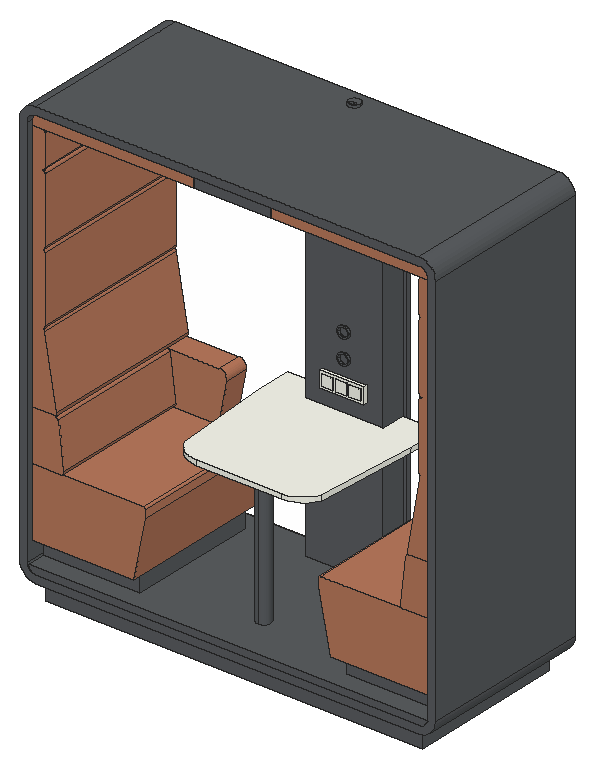
Revit family "Hushmeet.open.S EN3", category Casework, Revit 2018
Family settings
  OmniClass Number = 23.40.35.00
  OmniClass Title = Casework
  Work Plane-Based = No
  Always vertical = Yes
  Cut with Voids When Loaded = No
  Shared = No
  Room Calculation Point = Yes
Parameters (values of type "HUSH MEET OPEN S")
  Width = 2150 mm  # constant formula
  Weight [instance] = 425.00 kg  # constant formula
  URL = "https://hushoffice.com/en/"
  Type of power module [instance] = Power module : PL/FR (1 x electric, 2 x USB, 2 x RJ45)
  Type of foam [instance] = Foam : Normal
  Type Image = hush-meet-open-s.jpeg
  Persons [instance] = "1-2"  # constant formula
  Model = "HUSH MEET OPEN S"  # constant formula
  Middle column = Cosmos Grey AGC
  Manufacturer = "Mikomax Smart Office"  # constant formula
  Index (Product) [instance] = if(or(Type of power module = [E PL/FR], or(Type of power module = E DE, or(Type of power module = E DK, or(Type of power module = E GB, Type of power module = E CH)))), "HUS-BX-011", "HUS-BX-111")  # "HUS-BX-011"
  Index (Equipment) [instance] = if(Green wall, "HUS-PG-002", "-")  # "-"
  IfcExportType = ""
  IfcExportAs = "IfcFurniture"  # constant formula
  Height = 2300 mm  # constant formula
  Green wall [instance] = no
  Finish = "Defined materials"  # constant formula
  Fabric (detail) = PETRUS Amberglow TAG
  Fabric = PETRUS Amberglow TAG
  Equipment [instance] = Interior : table
  E US = Power module : US Type (1 x electric,1 x USB A,1 x  USB C,1 x RJ45) - black
  E PL/FR2 = Power module : PL/FR Type (1 x electric,1 x USB A,1 x  USB C,1 x RJ45) - black
  E PL/FR = Power module : PL/FR (1 x electric, 2 x USB, 2 x RJ45)
  E GB2 = Power module : GB Type (1 x electric,1 x USB A,1 x USB C,1 x RJ45) - black
  E GB = Power module : GB (1 x electric, 2 x USB, 2 x RJ45)
  E DK = Power module : DK (1 x electric, 2 x USB, 2 x RJ45)
  E DE = Power module : DE (1 x electric, 2 x USB, 2 x RJ45)
  E CH = Power module : CH (1 x electric, 2 x USB, 2 x RJ45)
  E AU = Power module : AU Type (1 x electric,1 x USB A,1 x USB C,1 x RJ45) - black
  Description = "Independent spaces for solo working and meetings, including virtual ones"  # constant formula
  Depth = 900 mm  # constant formula
  Contact (Rest of the world) = "export.sales@mikomax.pl"  # constant formula
  Contact (Poland) = "mateusz.siwiaszczyk@mikomax.pl"  # constant formula
  Construction Type = "Defined construction"  # constant formula
  Configurator = "https://mikomax.actumwork.pl/customize/materials"
  Catalogue = "https://hushoffice.com/en/architect-zone-en/brochure/"
  Case = Cosmos Grey AGC
  Cableway [instance] = no
  Back glass colour = Glass Clear PRZ
  Assembly Code = "E2010200"
Reference planes
  plane 1 "Back": y = 0
  plane 2: z = 0
  plane 3 "Center (Left/Right)": x = 44.7
  plane 4 "Front": y = -900
  plane 5 "Left": x = -1030.3
  plane 6 "Right": x = 1119.7
  plane 7 "Top": z = 2300
  plane 8: z = 90
Forms (mm)
  Extrusion 1, solid, material "Cosmos Grey AGC" <- "Case", detail levels medium+fine
    sketch origin (0, 0, 0) x (1, 0, 0) y (0, 0, 1)
      loop
        arc (-945.3, 2300) -> (-1005.404, 2275.104) -> (-1030.3, 2215) r 85
        line (-1030.3, 2215) -> (-1030.3, 175)
        arc (-1030.3, 175) -> (-1005.404, 114.896) -> (-945.3, 90) r 85
        line (-945.3, 90) -> (1034.7, 90)
        arc (1034.7, 90) -> (1094.804, 114.896) -> (1119.7, 175) r 85
        line (1119.7, 175) -> (1119.7, 2215)
        arc (1119.7, 2215) -> (1094.804, 2275.104) -> (1034.7, 2300) r 85
        line (1034.7, 2300) -> (-945.3, 2300)
      loop
        line (-945.3, 130) -> (1034.7, 130)
        arc (1034.7, 130) -> (1066.52, 143.18) -> (1079.7, 175) r 45
        line (1079.7, 175) -> (1079.7, 2215)
        arc (1079.7, 2215) -> (1066.52, 2246.82) -> (1034.7, 2260) r 45
        line (1034.7, 2260) -> (-945.3, 2260)
        arc (-945.3, 2260) -> (-977.119, 2246.82) -> (-990.3, 2215) r 45
        line (-990.3, 2215) -> (-990.3, 175)
        arc (-990.3, 175) -> (-977.119, 143.18) -> (-945.3, 130) r 45
    from 0 to 900
  Extrusion 2, solid, material "Cosmos Grey AGC", detail levels medium+fine
    sketch origin (0, 0, 0) x (1, 0, 0) y (0, 1, 0)
      loop
        line (-930.3, -40) -> (-930.3, -860) -> (1019.7, -860) -> (1019.7, -40) -> (-930.3, -40)
    from 0 to 90
  Extrusion 3, solid, material "Cosmos Grey AGC" <- "Middle column", detail levels medium+fine
    sketch origin (-29.762, 0, 0) x (1, 0, 0) y (0, 1, 0)
      loop
        line (-125.537, 0) -> (-125.537, -145) -> (274.463, -145) -> (274.463, 0) -> (-125.537, 0)
    from 130 to 2260
  Extrusion 4, solid, material "Cosmos Grey AGC" <- "Case", detail levels coarse
    sketch origin (0, 0, 0) x (1, 0, 0) y (0, 1, 0)
      loop
        line (-1030.3, 0) -> (-1030.3, -900) -> (1119.7, -900) -> (1119.7, 0) -> (-1030.3, 0)
    from 0 to 2300
  Extrusion 5, solid, material "Cosmos Grey AGC", detail levels medium+fine
    sketch origin (0, -900, 0) x (1, 0, 0) y (0, 0, 1)
      loop
        line (-945.3, 130) -> (1034.7, 130)
        arc (1034.7, 130) -> (1062.763, 139.822) -> (1078.575, 165) r 45
        line (1078.575, 165) -> (-989.174, 165)
        arc (-989.174, 165) -> (-973.362, 139.822) -> (-945.3, 130) r 45
    from 0 to -875
  Extrusion 6, solid, material "PETRUS Amberglow TAG" <- "Fabric", detail levels medium+fine
    sketch origin (0, -900, 0) x (1, 0, 0) y (0, 0, 1)
      loop
        arc (-401.476, 608.81) -> (-404.405, 615.881) -> (-411.476, 618.81) r 10
        line (-411.476, 618.81) -> (-990.3, 618.81) -> (-990.3, 265) -> (-466.112, 265) -> (-401.476, 568.393) -> (-401.476, 608.81)
      loop
        line (-990.3, 2187.998) -> (-990.3, 879.676) -> (-875.649, 879.676)
        arc (-875.649, 879.676) -> (-864.17, 885.02) -> (-860.871, 897.245) r 15
        line (-860.871, 897.245) -> (-922.638, 1252.525)
        arc (-922.638, 1252.525) -> (-927.697, 1261.382) -> (-937.251, 1264.955) r 15
        arc (-937.251, 1264.955) -> (-926.538, 1269.291) -> (-922.087, 1279.956) r 15
        line (-922.087, 1279.956) -> (-922.087, 1616.956)
        arc (-922.087, 1616.956) -> (-926.48, 1627.563) -> (-937.087, 1631.956) r 15
        arc (-937.087, 1631.956) -> (-926.48, 1636.35) -> (-922.087, 1646.956) r 15
        line (-922.087, 1646.956) -> (-922.087, 1983.956)
        arc (-922.087, 1983.956) -> (-926.48, 1994.563) -> (-937.087, 1998.956) r 15
        arc (-937.087, 1998.956) -> (-926.48, 2003.35) -> (-922.087, 2013.956) r 15
        line (-922.087, 2013.956) -> (-922.087, 2173.205)
        arc (-922.087, 2173.205) -> (-925.635, 2182.894) -> (-934.603, 2187.998) r 15
        line (-934.603, 2187.998) -> (-990.3, 2187.998)
      loop
        line (490.877, 608.81) -> (490.877, 568.393) -> (555.513, 265) -> (1079.7, 265) -> (1079.7, 618.81) -> (500.877, 618.81)
        arc (500.877, 618.81) -> (493.806, 615.881) -> (490.877, 608.81) r 10
      loop
        line (1079.7, 2187.998) -> (1024.003, 2187.998)
        arc (1024.003, 2187.998) -> (1015.036, 2182.894) -> (1011.487, 2173.205) r 15
        line (1011.487, 2173.205) -> (1011.487, 2013.956)
        arc (1011.487, 2013.956) -> (1015.881, 2003.35) -> (1026.487, 1998.956) r 15
        arc (1026.487, 1998.956) -> (1015.881, 1994.563) -> (1011.487, 1983.956) r 15
        line (1011.487, 1983.956) -> (1011.487, 1646.956)
        arc (1011.487, 1646.956) -> (1015.881, 1636.35) -> (1026.487, 1631.956) r 15
        arc (1026.487, 1631.956) -> (1015.881, 1627.563) -> (1011.487, 1616.956) r 15
        line (1011.487, 1616.956) -> (1011.487, 1279.956)
        arc (1011.487, 1279.956) -> (1015.939, 1269.291) -> (1026.652, 1264.955) r 15
        arc (1026.652, 1264.955) -> (1017.098, 1261.382) -> (1012.038, 1252.525) r 15
        line (1012.038, 1252.525) -> (950.271, 897.245)
        arc (950.271, 897.245) -> (953.571, 885.02) -> (965.05, 879.676) r 15
        line (965.05, 879.676) -> (1079.7, 879.676) -> (1079.7, 2187.998)
    from -875 to -30
  Extrusion 7, solid, material "Cosmos Grey AGC", detail levels medium+fine
    sketch origin (-989.174, -900, 165) x (1, 0, 0) y (0, 1, 0)
      loop
        line (0, 100) -> (500, 100) -> (500, 775) -> (0, 775) -> (0, 100)
      loop
        line (2067.75, 775) -> (1567.75, 775) -> (1567.75, 100) -> (2067.75, 100) -> (2067.75, 775)
    from 0 to 100
  Extrusion 8, solid, material "PETRUS Amberglow TAG" <- "Fabric (detail)", detail levels medium+fine
    sketch origin (0, 0, 0) x (1, 0, 0) y (0, 0, 1)
      loop
        line (691.708, 618.81) -> (1079.7, 618.81) -> (1079.7, 879.676) -> (689.62, 879.676)
        arc (689.62, 879.676) -> (658.474, 865.25) -> (649.977, 831.993) r 40
        line (649.977, 831.993) -> (691.708, 618.81)
      loop
        line (-602.308, 618.81) -> (-560.576, 831.993)
        arc (-560.576, 831.993) -> (-569.073, 865.25) -> (-600.22, 879.676) r 40
        line (-600.22, 879.676) -> (-990.3, 879.676) -> (-990.3, 618.81) -> (-602.308, 618.81)
    from 150 to 25
  Extrusion 9, solid, material "PETRUS Amberglow TAG" <- "Fabric (detail)", detail levels medium+fine
    sketch origin (0, -900, 0) x (1, 0, 0) y (0, 0, 1)
      loop
        arc (-854.938, 866.545) -> (-859.897, 875.924) -> (-869.821, 879.676) r 15
        line (-869.821, 879.676) -> (-990.3, 879.676) -> (-990.3, 618.81) -> (-840.826, 618.81)
        arc (-840.826, 618.81) -> (-829.578, 623.886) -> (-825.943, 635.679) r 15
        line (-825.943, 635.679) -> (-854.938, 866.545)
      loop
        line (944.339, 866.545) -> (915.344, 635.679)
        arc (915.344, 635.679) -> (918.979, 623.886) -> (930.227, 618.81) r 15
        line (930.227, 618.81) -> (1079.7, 618.81) -> (1079.7, 879.676) -> (959.222, 879.676)
        arc (959.222, 879.676) -> (949.298, 875.924) -> (944.339, 866.545) r 15
    from -875 to -30
  Extrusion 10, solid, material "PETRUS Amberglow TAG" <- "Fabric", detail levels medium+fine
    sketch origin (0, -900, 0) x (1, 0, 0) y (0, 0, 1)
      loop
        line (244.7, 2187.998) -> (1079.7, 2187.998) -> (1079.7, 2215)
        arc (1079.7, 2215) -> (1066.52, 2246.82) -> (1034.7, 2260) r 45
        line (1034.7, 2260) -> (244.7, 2260) -> (244.7, 2187.998)
      loop
        line (-155.3, 2187.998) -> (-155.3, 2260) -> (-945.3, 2260)
        arc (-945.3, 2260) -> (-977.119, 2246.82) -> (-990.3, 2215) r 45
        line (-990.3, 2215) -> (-990.3, 2187.998) -> (-155.3, 2187.998)
    from -875 to -30
  Extrusion 11, solid, material "Cosmos Grey AGC" <- "Middle column", detail levels medium+fine
    sketch origin (1034.7, 0, 2260) x (0, 1, 0) y (1, 0, 0)
      loop
        line (-870, -1189.719) -> (-145, -1189.719) -> (-145, -790.017) -> (-870, -790.017) -> (-870, -1189.719)
      loop
        line (-255.699, -1079.799) -> (-255.699, -1066.2) -> (-675.699, -1066.2) -> (-675.699, -1079.799) -> (-255.699, -1079.799)
      loop
        line (-255.699, -900.201) -> (-675.699, -900.201) -> (-675.699, -913.8) -> (-255.699, -913.8) -> (-255.699, -900.201)
    from 0 to 70
  Extrusion 12, solid, material "Cosmos Grey AGC" <- "Middle column", visible <- "Cableway", detail levels fine
    sketch origin (244.7, -145, 0) x (-1, 0, 0) y (0, 0, -1)
      loop
        circle (200, -1565.235) r 30
      loop
        arc (220.746, -1551.286) -> (200, -1540.235) -> (179.254, -1551.286) r 25
        line (179.254, -1551.286) -> (191.607, -1563.639) -> (208.393, -1563.639) -> (220.746, -1551.286)
    from 0 to 10
  Extrusion 13, solid, material "Cosmos Grey AGC" <- "Middle column", detail levels fine
    sketch origin (244.7, -145, 0) x (-1, 0, 0) y (0, 0, -1)
      loop
        circle (200, -1275.039) r 30
      loop
        circle (200, -1275.039) r 25
      loop
        circle (200, -1149.914) r 30
      loop
        circle (200, -1149.914) r 25
    from 0 to 10
  Extrusion 14, solid, material "Cosmos Grey AGC" <- "Case", detail levels fine
    sketch origin (-945.3, 0, 2300) x (1, 0, 0) y (0, 1, 0)
      loop
        circle (990, -80) r 30
      loop
        arc (969.254, -93.949) -> (990, -105) -> (1010.746, -93.949) r 25
        line (1010.746, -93.949) -> (998.393, -81.596) -> (981.607, -81.596) -> (969.254, -93.949)
    from 0 to 10
Cuts and joins
  joined: Extrusion 8, Extrusion 9
Dimensions and locks
  "Width": plane 6 "Right" to plane 5 "Left"
  equal spacing: plane 6 "Right", plane 3 "Center (Left/Right)", plane 5 "Left"
  "Depth": plane 4 "Front" to plane 1 "Back"
  "Height": level to plane 7 "Top"
  locked: plane 8 to level at 90
  locked: Extrusion 1 sketch curve to plane 5 "Left" at 40
  locked: Extrusion 1 sketch curve to plane 8 at 40
  locked: plane 6 "Right" to Extrusion 1 sketch curve at 40
  locked: plane 7 "Top" to Extrusion 1 sketch curve at 40
  locked: plane 5 "Left" to Extrusion 2 sketch curve at 100
  locked: Extrusion 2 sketch curve to plane 1 "Back" at 40
  locked: Extrusion 2 sketch curve to plane 6 "Right" at 100
  locked: Extrusion 2 sketch curve to plane 4 "Front" at 40
  locked: Extrusion 3 sketch curve to Extrusion 3 sketch curve at 145
  locked: Extrusion 3 sketch curve to Extrusion 3 sketch curve at 400
  locked: Extrusion 5 sketch curve to Extrusion 1 at 35
  locked: Extrusion 5 to plane 1 "Back" at 25
  locked: Extrusion 7 sketch curve to Extrusion 7 sketch curve at 500  (x2)
  locked: Extrusion 5 to Extrusion 7 sketch curve at 100  (x4)
  radius of Extrusion 1 sketch curve = 45 mm  (x4)
  radius of Extrusion 1 sketch curve = 85 mm  (x4)
  aligned and locked: level to plane 2
  aligned and locked: plane 8 to Extrusion 1 sketch curve
  aligned and locked: Extrusion 1 sketch curve to plane 6 "Right"
  aligned and locked: plane 7 "Top" to Extrusion 1 sketch curve
  aligned and locked: plane 5 "Left" to Extrusion 1 sketch curve
  aligned and locked: Extrusion 1 to plane 4 "Front"
  aligned and locked: plane 8 to Extrusion 2
  aligned and locked: Extrusion 3 to plane 1 "Back"
  aligned and locked: Extrusion 3 to Extrusion 1  (x2)
  aligned and locked: Extrusion 4 sketch curve to plane 6 "Right"
  aligned and locked: Extrusion 4 sketch curve to plane 4 "Front"
  aligned and locked: plane 5 "Left" to Extrusion 4 sketch curve
  aligned and locked: Extrusion 4 sketch curve to plane 1 "Back"
  aligned and locked: Extrusion 4 to plane 7 "Top"
  aligned and locked: Extrusion 5 sketch curve to Extrusion 1  (x2)
  aligned and locked: Extrusion 6 to Extrusion 5
  aligned and locked: Extrusion 5 to Extrusion 7 sketch curve  (x2)
  aligned and locked: Extrusion 6 to Extrusion 9 sketch curve
  aligned and locked: Extrusion 9 to Extrusion 8
  aligned and locked: Extrusion 6 to Extrusion 9
  aligned and locked: Extrusion 1 to Extrusion 9 sketch curve
  aligned and locked: nested 2 to Extrusion 1  (x2)
  aligned and locked: nested 1 to Extrusion 1
  aligned and locked: Extrusion 1 to nested 1
  aligned and locked: Extrusion 10 to Extrusion 6
  aligned and locked: Extrusion 6 to Extrusion 10
  aligned and locked: Extrusion 11 to Extrusion 3
  aligned and locked: Extrusion 1 to Extrusion 5
  aligned and locked: Extrusion 10 to Extrusion 11
Automatic sketch dimensions
  plane 1 "Back" to Extrusion 3 sketch curve = 0 mm
  Extrusion 3 sketch curve to plane 3 "Center (Left/Right)" = 200 mm
  plane 5 "Left" to Extrusion 6 sketch curve = 40 mm  (x2)
  plane 5 "Left" to Extrusion 6 sketch curve = 92.884 mm
  Extrusion 6 sketch curve to Extrusion 6 sketch curve = 53.213 mm
  plane 5 "Left" to Extrusion 6 sketch curve = 93.213 mm  (x2)
  Extrusion 6 sketch curve to Extrusion 6 sketch curve = 0.329 mm
  Extrusion 6 sketch curve to Extrusion 6 sketch curve = 0 mm  (x4)
  Extrusion 6 sketch curve to Extrusion 6 sketch curve = 2.484 mm  (x2)
  Extrusion 6 sketch curve to Extrusion 6 sketch curve = 14.778 mm  (x4)
  Extrusion 6 sketch curve to Extrusion 6 sketch curve = 15 mm  (x13)
  Extrusion 6 sketch curve to Extrusion 6 sketch curve = 114.651 mm
  plane 8 to Extrusion 6 sketch curve = 175 mm  (x2)
  Extrusion 6 sketch curve to plane 3 "Center (Left/Right)" = 510.813 mm
  Extrusion 6 sketch curve to Extrusion 6 sketch curve = 54.636 mm
  Extrusion 6 sketch curve to Extrusion 6 sketch curve = 10 mm  (x2)
  plane 3 "Center (Left/Right)" to Extrusion 6 sketch curve = 446.177 mm
  Extrusion 6 sketch curve to Extrusion 6 sketch curve = 64.636 mm
  Extrusion 6 sketch curve to plane 6 "Right" = 169.429 mm
  Extrusion 6 sketch curve to plane 6 "Right" = 108.213 mm  (x2)
  Extrusion 6 sketch curve to Extrusion 6 sketch curve = 0.551 mm
  Extrusion 6 sketch curve to Extrusion 6 sketch curve = 12.516 mm
  Extrusion 6 sketch curve to plane 6 "Right" = 40 mm  (x2)
  Extrusion 6 sketch curve to Extrusion 6 sketch curve = 303.393 mm  (x2)
  Extrusion 6 sketch curve to Extrusion 6 sketch curve = 40.417 mm  (x2)
  Extrusion 6 sketch curve to Extrusion 6 sketch curve = 260.866 mm  (x2)
  Extrusion 6 sketch curve to Extrusion 6 sketch curve = 355.28 mm  (x2)
  Extrusion 6 sketch curve to Extrusion 6 sketch curve = 2.569 mm  (x2)
  Extrusion 6 sketch curve to Extrusion 6 sketch curve = 30 mm
  Extrusion 6 sketch curve to Extrusion 6 sketch curve = 27.431 mm
  Extrusion 6 sketch curve to Extrusion 6 sketch curve = 337 mm  (x2)
  plane 7 "Top" to Extrusion 6 sketch curve = 316.044 mm  (x2)
  plane 7 "Top" to Extrusion 6 sketch curve = 126.795 mm  (x2)
  Extrusion 6 sketch curve to Extrusion 6 sketch curve = 0.165 mm  (x2)
  Extrusion 9 sketch curve to Extrusion 9 sketch curve = 120.479 mm
  Extrusion 9 sketch curve to Extrusion 9 sketch curve = 14.883 mm  (x4)
  Extrusion 9 sketch curve to Extrusion 9 sketch curve = 149.474 mm
  Extrusion 9 sketch curve to plane 6 "Right" = 204.357 mm
  Extrusion 9 sketch curve to plane 6 "Right" = 175.362 mm
  Extrusion 9 sketch curve to plane 6 "Right" = 40 mm
  plane 8 to Extrusion 9 sketch curve = 528.81 mm
  Extrusion 9 sketch curve to Extrusion 9 sketch curve = 15 mm  (x2)
  Extrusion 9 sketch curve to Extrusion 9 sketch curve = 230.866 mm  (x2)
  Extrusion 9 sketch curve to Extrusion 9 sketch curve = 1.869 mm  (x2)
  plane 5 "Left" to Extrusion 10 sketch curve = 40 mm
  plane 7 "Top" to Extrusion 10 sketch curve = 40 mm  (x2)
  Extrusion 10 sketch curve to Extrusion 10 sketch curve = 45 mm
  Extrusion 10 sketch curve to plane 3 "Center (Left/Right)" = 200 mm
  plane 3 "Center (Left/Right)" to Extrusion 10 sketch curve = 200 mm
  Extrusion 10 sketch curve to plane 6 "Right" = 85 mm
  Extrusion 10 sketch curve to plane 6 "Right" = 40 mm
  Extrusion 10 sketch curve to Extrusion 10 sketch curve = 27.002 mm  (x2)
  Extrusion 11 sketch curve to Extrusion 1 = 30 mm
  Extrusion 11 sketch curve to Extrusion 11 sketch curve = 194.301 mm
  Extrusion 11 sketch curve to Extrusion 11 sketch curve = 0 mm  (x2)
  Extrusion 11 sketch curve to Extrusion 11 sketch curve = 13.599 mm  (x2)
  Extrusion 11 sketch curve to Extrusion 11 sketch curve = 152.4 mm
  Extrusion 12 sketch curve to Extrusion 12 sketch curve = 0 mm  (x2)
  Extrusion 12 sketch curve to Extrusion 3 = 179.254 mm
  Extrusion 12 sketch curve to Extrusion 12 sketch curve = 12.353 mm  (x3)
  Extrusion 12 sketch curve to Extrusion 12 sketch curve = 8.393 mm  (x2)
  Extrusion 3 to Extrusion 12 sketch curve = 694.765 mm
  Extrusion 12 sketch curve to Extrusion 12 sketch curve = 1.596 mm
  Extrusion 13 sketch curve to Extrusion 13 sketch curve = 0 mm  (x5)
  Extrusion 3 to Extrusion 13 sketch curve = 200 mm
  Extrusion 3 to Extrusion 13 sketch curve = 984.961 mm
  Extrusion 13 sketch curve to Extrusion 13 sketch curve = 125.124 mm
  Extrusion 14 sketch curve to Extrusion 14 sketch curve = 0 mm  (x3)
  Extrusion 1 to Extrusion 14 sketch curve = 93.949 mm  (x2)
  Extrusion 14 sketch curve to Extrusion 14 sketch curve = 12.353 mm
  Extrusion 14 sketch curve to Extrusion 14 sketch curve = 8.393 mm  (x2)
  Extrusion 1 to Extrusion 14 sketch curve = 81.596 mm
  Extrusion 14 sketch curve to Extrusion 14 sketch curve = 1.596 mm
  plane 5 "Left" to Extrusion 8 sketch curve = 40 mm
  Extrusion 8 sketch curve to Extrusion 8 sketch curve = 387.992 mm
  Extrusion 8 sketch curve to Extrusion 8 sketch curve = 2.088 mm
  Extrusion 8 sketch curve to Extrusion 8 sketch curve = 0.388 mm  (x2)
  Extrusion 8 sketch curve to Extrusion 8 sketch curve = 39.255 mm  (x2)
  Extrusion 8 sketch curve to plane 6 "Right" = 469.723 mm
  Extrusion 8 sketch curve to Extrusion 8 sketch curve = 41.732 mm
  Extrusion 8 sketch curve to plane 6 "Right" = 40 mm
  plane 8 to Extrusion 8 sketch curve = 528.81 mm  (x2)
  Extrusion 8 sketch curve to Extrusion 8 sketch curve = 213.184 mm  (x2)
  Extrusion 8 sketch curve to Extrusion 8 sketch curve = 7.684 mm  (x2)
  Extrusion 14 sketch curve to Extrusion 1 = 969.254 mm
  Extrusion 11 sketch curve to Extrusion 1 = 145 mm
  Extrusion 11 sketch curve to Extrusion 11 sketch curve = 110.184 mm
  Extrusion 1 to Extrusion 11 sketch curve = 790.017 mm
  Extrusion 11 sketch curve to Extrusion 11 sketch curve = 110.699 mm
  Extrusion 11 sketch curve to Extrusion 11 sketch curve = 109.92 mm
  radius of Extrusion 12 sketch curve = 30 mm
  radius of Extrusion 13 sketch curve = 30 mm  (x2)
  radius of Extrusion 13 sketch curve = 25 mm  (x2)
  radius of Extrusion 14 sketch curve = 30 mm
Nested families
  nested 1: "Joinery" at (-572.8, 0, 1195) x (-1, 0, 0) z (0, 1, 0), Material (glass) <- "Back glass colour", type "non-movable", detail levels medium+fine
    with W 835 mm, R (right) 45 mm, R (left) 1 mm, Material (handle and hinges) none, Material (glass) Glass Clear PRZ, Material (frame) Cosmos Grey AGC, H 2130 mm, D 0 mm, Angle 0.00°
  nested 2: "Joinery" at (662.2, 0, 1195) x (-1, 0, 0) z (0, 1, 0), Material (glass) <- "Back glass colour", type "non-movable", detail levels medium+fine
    with W 835 mm, R (right) 1 mm, R (left) 45 mm, Material (handle and hinges) none, Material (glass) Glass Clear PRZ, Material (frame) Cosmos Grey AGC, H 2130 mm, D 0 mm, Angle 0.00°
  nested 3: "Green wall" at (1119.7, -900, 0), visible <- "Green wall", type "Green wall"
    with Material Cosmos Grey AGC, H 2300 mm, D 900 mm
  nested 4: "Interior" at (-1030.3, -900, 165), Depth <- "Depth", Width <- "Width", type <- "Equipment", type "table"
    with Width 2150 mm, Depth 900 mm
  nested 5: "Sockets" at (9.2, -145, 1025) x (1, 0, 0) z (0, -1, 0), type "Sockets"
    with single no, non-single yes, Number of sockets 3, Material White JBM, Lenght 227 mm
  nested 6: "Sockets" at (44.7, -145, 775) x (1, 0, 0) z (0, -1, 0), type "Sockets"
    with single yes, non-single no, Number of sockets 2, Material White JBM, Lenght 156 mm
Connectors
  electrical at (44.7, -450, 0)
    settings: index 1, voltage 230 V, apparent load 0 VA, apparent load phase1 0 VA, apparent load phase2 0 VA, apparent load phase3 0 VA, power factor 1, load classification "Other", number of poles 1, system type 30, power factor state 1, is connector primary yes, connector utility no, sub classification motor no, connector description ""
  electrical at (44.7, 0, 0)
    settings: index 2, voltage 230 V, apparent load 0 VA, apparent load phase1 0 VA, apparent load phase2 0 VA, apparent load phase3 0 VA, power factor 1, load classification "Other", number of poles 1, system type 5, power factor state 1, is connector primary no, connector utility no, sub classification motor no, connector description ""
Definition of nested family "Joinery"
  Parameters (values of type "movable")
    non-movable = no
    movable = yes
    W [instance] = 1414.111 mm
    R (right) [instance] = 45 mm
    R (left) [instance] = 45 mm
    Material (handle and hinges) [instance] = none
    Material (glass) [instance] = none
    Material (frame) [instance] = none
    H [instance] = 2200 mm
    Default Elevation = 0 mm
    D [instance] = 50 mm
    Angle [instance] = 45.00°
    Analytic Construction = "<None>"
    A = if(movable, 50 mm, 20 mm)  # 50 mm
  Types (2, lengths in mm): name | non-movable | movable | D | Angle | A
    non-movable | yes | no | 79.124 | 0.00° | 20
    movable | no | yes | 50 | 45.00° | 50
  Reference planes
    plane 1 "Center (Front/Back)": y = 0
    plane 2: z = 0
    plane 3 "Center (Left/Right)": x = 0
    plane 4: y = 1100
    plane 5: y = -1100
    plane 6: x = -707.055
    plane 7: x = 707.055
    plane 8: z = -50
    plane 9: z = -100
    plane 10: z = -55
    plane 11: z = -95
  Forms (mm)
    Extrusion 1, solid
      sketch origin (0, 0, 0) x (1, 0, 0) y (0, 1, 0)
        loop
          line (-1219.2, 1219.2) -> (-1219.2, -1219.2) -> (1219.2, -1219.2) -> (1219.2, 1219.2) -> (-1219.2, 1219.2)
      from 0 to -304.8
    Extrusion 2, solid, material <- "Material (frame)", detail levels medium+fine
      sketch origin (-1009.865, -4572, -100) x (-1, 0, 0) y (0, -1, 0)
        loop
          arc (-347.809, -5672) -> (-315.99, -5658.82) -> (-302.809, -5627) r 45
          line (-302.809, -5627) -> (-302.809, -3517)
          arc (-302.809, -3517) -> (-315.99, -3485.18) -> (-347.809, -3472) r 45
          line (-347.809, -3472) -> (-1671.92, -3472)
          arc (-1671.92, -3472) -> (-1703.74, -3485.18) -> (-1716.92, -3517) r 45
          line (-1716.92, -3517) -> (-1716.92, -5627)
          arc (-1716.92, -5627) -> (-1703.74, -5658.82) -> (-1671.92, -5672) r 45
          line (-1671.92, -5672) -> (-347.809, -5672)
        loop
          line (-352.809, -3522) -> (-1666.92, -3522) -> (-1666.92, -5622) -> (-352.809, -5622) -> (-352.809, -3522)
      from 0 to 50
    Extrusion 3, solid, material <- "Material (glass)", visible <- "non-movable", detail levels medium+fine
      sketch origin (-740.742, -4572, -95) x (-1, 0, 0) y (0, -1, 0)
        loop
          line (-83.687, -5622) -> (-83.687, -3522) -> (-1397.798, -3522) -> (-1397.798, -5622) -> (-83.687, -5622)
      from 0 to 40
  Lines and regions (mm)
    symbolic lines, visible <- "movable"
      curve 1: line (657.055, 0, -50) -> (-657.055, 0, -50)
      curve 2: arc (-657.055, 0, -50) -> (-272.161, 0, 879.217) -> (657.055, 0, 1264.111) r 1314.111
      curve 3: line (657.055, 0, 1264.111) -> (657.055, 0, -50)
  Dimensions and locks
    equal spacing: plane 4, plane 1 "Center (Front/Back)", plane 5
    "H": plane 4 to plane 5
    equal spacing: plane 6, plane 3 "Center (Left/Right)", plane 7
    "W": plane 6 to plane 7
    "D": level to plane 8
    "A": plane 4 to Extrusion 2 sketch curve
    "A": plane 6 to Extrusion 2 sketch curve
    "A": Extrusion 2 sketch curve to plane 7
    "A": Extrusion 2 sketch curve to plane 5
    "A": plane 8 to plane 9
    locked: plane 8 to plane 10 at 5
    locked: plane 11 to plane 9 at 5
    "R (left)": radius of Extrusion 2 sketch curve  (x2)
    "R (right)": radius of Extrusion 2 sketch curve  (x2)
    aligned and locked: plane 2 to Extrusion 1
    aligned and locked: level to Extrusion 1
    aligned and locked: Extrusion 2 sketch curve to plane 4
    aligned and locked: Extrusion 2 sketch curve to plane 6
    aligned and locked: Extrusion 2 sketch curve to plane 5
    aligned and locked: Extrusion 2 sketch curve to plane 7
    aligned and locked: plane 8 to Extrusion 2
    aligned and locked: Extrusion 2 to Extrusion 3 sketch curve
    aligned and locked: Extrusion 3 sketch curve to Extrusion 2  (x3)
    aligned and locked: Extrusion 3 to plane 10
    aligned and locked: nested 1 to Extrusion 2
    aligned and locked: plane 8 to nested 1
    aligned and locked: plane 1 "Center (Front/Back)" to nested 1
    aligned and locked: nested 2 to nested 1
    aligned and locked: plane 1 "Center (Front/Back)" to nested 2
  Automatic sketch dimensions
    Extrusion 1 sketch curve to Extrusion 1 sketch curve = 2438.4 mm  (x2)
    curve 3 to plane 8 = 0 mm
    plane 6 to curve 1 = 50 mm
    plane 7 to curve 2 = 50 mm
  Nested families
    nested 1: "Doors" at (657.055, 0, -50) x (0, 0, 1) z (-1, 0, 0), H <- "H", W <- "W", Angle <- "Angle", visible <- "movable", Material (glass) <- "Material (glass)", Material (handle and hinges) <- "Material (handle and hinges)", type "Doors", detail levels medium+fine
      with W 1414.111 mm, H 2200 mm, Angle 45.00°
    nested 2: "Handle" at (-288.382, 0, 848.854) x (0.7071, 0, -0.7071) z (0.7071, 0, 0.7071), Material <- "Material (handle and hinges)", visible <- "movable", type "Handle", detail levels medium+fine
      with Material none
  Definition of nested family "Doors"
    Parameters (values of type "Doors")
      W [instance] = 940 mm
      Material (handle and hinges) [instance] = none
      Material (glass) [instance] = none
      H [instance] = 2000 mm
      Default Elevation = 1219.2 mm
      Angle [instance] = 0.00°
      Analytic Construction = "<None>"
    Reference planes
      plane 1 "Center (Front/Back)": y = 0
      plane 2: z = 0
      plane 3 "Center (Left/Right)": x = 0
      plane 4: x = -9.149
      plane 5: z = 9.149
      plane 6: y = 1000
      plane 7: y = -1000
      plane 8: y = 950
      plane 9: y = -950
      plane 10: y = 785.739
      plane 11: y = -785.927
    Forms (mm)
      Extrusion 1, solid, material <- "Material (handle and hinges)", detail levels fine
        sketch origin (-9.149, 0, 9.149) x (0, 0, 1) y (-1, 0, 0)
          loop
            spline (6.815, 13.316) -> (6.616, 12.736) -> (6.345, 12.174) -> (6.002, 11.63) -> (5.587, 11.104) -> (5.1, 10.595) -> (4.541, 10.105) -> (3.909, 9.632) -> (3.205, 9.177) -> (2.429, 8.74) -> (1.581, 8.321) -> (0.661, 7.92) -> (-0.332, 7.537)
            arc (-0.332, 7.537) -> (-4.173, -6.285) -> (7.075, 2.618) r 7.544
            spline (7.075, 2.618) -> (7.225, 4.174) -> (7.619, 5.481) -> (8.171, 6.562) -> (8.798, 7.442) -> (9.414, 8.144) -> (9.978, 8.708) -> (10.493, 9.192) -> (10.964, 9.654) -> (11.397, 10.153) -> (11.778, 10.796) -> (12.05, 11.778) -> (12.154, 13.303)
            line (12.154, 13.303) -> (42.912, 13.303) -> (42.912, 20) -> (6.808, 20) -> (6.815, 13.316)
          loop
            line (7.107, 30) -> (43.083, 30) -> (43.083, 35.7) -> (7.107, 35.7) -> (7.107, 30)
        from -830.739 to -740.739
      Extrusion 2, solid, material <- "Material (handle and hinges)", detail levels fine
        sketch origin (-9.149, 0, 9.149) x (0, 0, 1) y (-1, 0, 0)
          loop
            spline (6.815, 13.316) -> (6.616, 12.736) -> (6.345, 12.174) -> (6.002, 11.63) -> (5.587, 11.104) -> (5.1, 10.595) -> (4.541, 10.105) -> (3.909, 9.632) -> (3.205, 9.177) -> (2.429, 8.74) -> (1.581, 8.321) -> (0.661, 7.92) -> (-0.332, 7.537)
            arc (-0.332, 7.537) -> (-4.173, -6.285) -> (7.075, 2.618) r 7.544
            spline (7.075, 2.618) -> (7.225, 4.174) -> (7.619, 5.481) -> (8.171, 6.562) -> (8.798, 7.442) -> (9.414, 8.144) -> (9.978, 8.708) -> (10.493, 9.192) -> (10.964, 9.654) -> (11.397, 10.153) -> (11.778, 10.796) -> (12.05, 11.778) -> (12.154, 13.303)
            line (12.154, 13.303) -> (42.912, 13.303) -> (42.912, 20) -> (6.808, 20) -> (6.815, 13.316)
          loop
            line (7.107, 30) -> (43.083, 30) -> (43.083, 35.7) -> (7.107, 35.7) -> (7.107, 30)
        from -45 to 45
      Extrusion 3, solid, material <- "Material (handle and hinges)", detail levels fine
        sketch origin (-9.149, 0, 9.149) x (0, 0, 1) y (-1, 0, 0)
          loop
            spline (6.815, 13.316) -> (6.616, 12.736) -> (6.345, 12.174) -> (6.002, 11.63) -> (5.587, 11.104) -> (5.1, 10.595) -> (4.541, 10.105) -> (3.909, 9.632) -> (3.205, 9.177) -> (2.429, 8.74) -> (1.581, 8.321) -> (0.661, 7.92) -> (-0.332, 7.537)
            arc (-0.332, 7.537) -> (-4.173, -6.285) -> (7.075, 2.618) r 7.544
            spline (7.075, 2.618) -> (7.225, 4.174) -> (7.619, 5.481) -> (8.171, 6.562) -> (8.798, 7.442) -> (9.414, 8.144) -> (9.978, 8.708) -> (10.493, 9.192) -> (10.964, 9.654) -> (11.397, 10.153) -> (11.778, 10.796) -> (12.05, 11.778) -> (12.154, 13.303)
            line (12.154, 13.303) -> (42.912, 13.303) -> (42.912, 20) -> (6.808, 20) -> (6.815, 13.316)
          loop
            line (7.107, 30) -> (43.083, 30) -> (43.083, 35.7) -> (7.107, 35.7) -> (7.107, 30)
        from 740.927 to 830.927
      Sweep 4, solid, material <- "Material (glass)"
        path in 3D
          loop
            line (-29.149, 0, 9.149) -> (-29.149, 0, 839.149)
        profile origin (-29.149, 0, 424.149) x (-1, 0, 0) y (0, -1, 0)
          loop
            line (0, -950) -> (10, -950) -> (10, 950) -> (0, 950) -> (0, -950)
      Extrusion 5, solid, material <- "Material (handle and hinges)", detail levels fine
        sketch origin (0, 0, 18.299) x (0, 0, 1) y (-1, 0, 0)
          loop
            line (-14.586, 30.648) -> (-18.299, 30.648) -> (-18.299, 14.381) -> (-16.617, 10.219)
            arc (-16.617, 10.219) -> (-14.878, 14.059) -> (-11.35, 16.366) r 7.544
            arc (-11.35, 16.366) -> (-13.697, 18.167) -> (-14.586, 20.988) r 4.919
            line (-14.586, 20.988) -> (-14.586, 30.648)
        from -45 to 45
      Extrusion 6, solid, material <- "Material (handle and hinges)", detail levels fine
        sketch origin (0, 0, 18.299) x (0, 0, 1) y (-1, 0, 0)
          loop
            line (-14.586, 30.648) -> (-18.299, 30.648) -> (-18.299, 14.381) -> (-16.617, 10.219)
            arc (-16.617, 10.219) -> (-14.878, 14.059) -> (-11.35, 16.366) r 7.544
            arc (-11.35, 16.366) -> (-13.697, 18.167) -> (-14.586, 20.988) r 4.919
            line (-14.586, 20.988) -> (-14.586, 30.648)
        from -830.739 to -740.739
      Extrusion 7, solid, material <- "Material (handle and hinges)", detail levels fine
        sketch origin (0, -852.427, 18.299) x (0, 0, 1) y (-1, 0, 0)
          loop
            line (-14.586, 30.648) -> (-18.299, 30.648) -> (-18.299, 14.381) -> (-16.617, 10.219)
            arc (-16.617, 10.219) -> (-14.878, 14.059) -> (-11.35, 16.366) r 7.544
            arc (-11.35, 16.366) -> (-13.697, 18.167) -> (-14.586, 20.988) r 4.919
            line (-14.586, 20.988) -> (-14.586, 30.648)
        from -111.5 to -21.5
    Lines and regions (mm)
      reference lines
        curve 1: line (-9.149, 0, 9.149) -> (-9.149, 0, 949.149)
        curve 2: line (-29.149, 0, 9.149) -> (-9.149, 0, 9.149)
        curve 3: line (-29.149, 0, 9.149) -> (-29.149, 0, 839.149)
        curve 4: line (-29.149, 0, 839.149) -> (-9.149, 0, 839.149)
      sketch lines
        curve 5: line (-29.149, 0, 9.149) -> (-29.149, 0, 839.149)
    Dimensions and locks
      equal spacing: plane 6, plane 1 "Center (Front/Back)", plane 7
      "H": plane 6 to plane 7
      locked: plane 9 to plane 7 at 50
      locked: plane 6 to plane 8 at 50
      Extrusion 3 to plane 11 to Extrusion 3 = 45 mm locked, 45 mm locked
      locked: plane 11 to plane 9 at 164.073
      Extrusion 1 to plane 10 to Extrusion 1 = 45 mm locked, 45 mm locked
      locked: plane 8 to plane 10 at 164.261
      "W": curve 1 to curve 1
      locked: curve 2 to curve 2 at 20
      locked: curve 4 to curve 1 at 110
      locked: curve 1 to curve 2 (angle 90.00°)
      locked: curve 2 to curve 3 (angle 90.00°)
      "Angle": angle plane 4 to curve 1
      aligned and locked: level to plane 2
      aligned and locked: plane 4 to curve 1
      aligned and locked: plane 5 to curve 1
      aligned and locked: curve 2 to curve 1
      aligned and locked: Sweep 4 sketch curve to plane 9
      aligned and locked: plane 8 to Sweep 4 sketch curve
      aligned and locked: Extrusion 5 sketch curve to Extrusion 3
      aligned and locked: Extrusion 1 to Extrusion 6  (x2)
      aligned and locked: Extrusion 3 to Extrusion 7  (x2)
    Automatic sketch dimensions
      Extrusion 1 sketch curve to curve 1 = 0 mm  (x2)
      Extrusion 1 sketch curve to curve 1 = 0.332 mm
      curve 1 to Extrusion 1 sketch curve = 6.808 mm
      Extrusion 1 sketch curve to Extrusion 1 sketch curve = 0.007 mm
      Extrusion 1 sketch curve to curve 1 = 2.618 mm
      curve 1 to Extrusion 1 sketch curve = 7.075 mm
      curve 1 to Extrusion 1 sketch curve = 7.107 mm
      Extrusion 1 sketch curve to Extrusion 1 sketch curve = 5.339 mm
      Extrusion 1 sketch curve to Extrusion 1 sketch curve = 30.759 mm
      Extrusion 1 sketch curve to Extrusion 1 sketch curve = 0.171 mm
      Extrusion 1 sketch curve to Extrusion 1 sketch curve = 10.685 mm
      Extrusion 1 sketch curve to Extrusion 1 sketch curve = 0.012 mm
      Extrusion 1 sketch curve to Extrusion 1 sketch curve = 6.684 mm
      curve 1 to Extrusion 1 sketch curve = 30 mm
      Extrusion 1 sketch curve to Extrusion 1 sketch curve = 5.7 mm
      Extrusion 2 sketch curve to curve 1 = 0 mm  (x2)
      Extrusion 2 sketch curve to curve 1 = 0.332 mm
      curve 1 to Extrusion 2 sketch curve = 6.808 mm
      Extrusion 2 sketch curve to Extrusion 2 sketch curve = 0.007 mm
      Extrusion 2 sketch curve to curve 1 = 2.618 mm
      curve 1 to Extrusion 2 sketch curve = 7.075 mm
      curve 1 to Extrusion 2 sketch curve = 7.107 mm
      Extrusion 2 sketch curve to Extrusion 2 sketch curve = 5.339 mm
      Extrusion 2 sketch curve to Extrusion 2 sketch curve = 30.759 mm
      Extrusion 2 sketch curve to Extrusion 2 sketch curve = 0.171 mm
      Extrusion 2 sketch curve to Extrusion 2 sketch curve = 10.685 mm
      Extrusion 2 sketch curve to Extrusion 2 sketch curve = 0.012 mm
      Extrusion 2 sketch curve to Extrusion 2 sketch curve = 6.684 mm
      curve 1 to Extrusion 2 sketch curve = 30 mm
      Extrusion 2 sketch curve to Extrusion 2 sketch curve = 5.7 mm
      Extrusion 3 sketch curve to curve 1 = 0 mm  (x2)
      Extrusion 3 sketch curve to curve 1 = 0.332 mm
      curve 1 to Extrusion 3 sketch curve = 6.808 mm
      Extrusion 3 sketch curve to Extrusion 3 sketch curve = 0.007 mm
      Extrusion 3 sketch curve to curve 1 = 2.618 mm
      curve 1 to Extrusion 3 sketch curve = 7.075 mm
      curve 1 to Extrusion 3 sketch curve = 7.107 mm
      Extrusion 3 sketch curve to Extrusion 3 sketch curve = 5.339 mm
      Extrusion 3 sketch curve to Extrusion 3 sketch curve = 30.759 mm
      Extrusion 3 sketch curve to Extrusion 3 sketch curve = 0.171 mm
      Extrusion 3 sketch curve to Extrusion 3 sketch curve = 10.685 mm
      Extrusion 3 sketch curve to Extrusion 3 sketch curve = 0.012 mm
      Extrusion 3 sketch curve to Extrusion 3 sketch curve = 6.684 mm
      curve 1 to Extrusion 3 sketch curve = 30 mm
      Extrusion 3 sketch curve to Extrusion 3 sketch curve = 5.7 mm
      Sweep 4 sketch curve to profile plane = 0 mm
      Sweep 4 sketch curve to profile plane = 10 mm
      Extrusion 5 sketch curve to level = 0 mm
      Extrusion 5 sketch curve to plane 4 = 1.07 mm
      level to Extrusion 5 sketch curve = 3.713 mm
      Extrusion 5 sketch curve to plane 5 = 0.518 mm
      Extrusion 5 sketch curve to Extrusion 5 sketch curve = 4.162 mm
      Extrusion 5 sketch curve to Extrusion 5 sketch curve = 6.607 mm
      Extrusion 5 sketch curve to Extrusion 5 sketch curve = 9.66 mm
      Extrusion 6 sketch curve to level = 0 mm
      Extrusion 6 sketch curve to plane 5 = 0 mm
      level to Extrusion 6 sketch curve = 1.681 mm
      level to Extrusion 6 sketch curve = 3.713 mm
      Extrusion 6 sketch curve to plane 5 = 0.518 mm
      Extrusion 6 sketch curve to plane 4 = 0 mm
      Extrusion 6 sketch curve to Extrusion 6 sketch curve = 1.07 mm
      Extrusion 6 sketch curve to Extrusion 6 sketch curve = 4.162 mm
      Extrusion 6 sketch curve to Extrusion 6 sketch curve = 6.607 mm
      Extrusion 6 sketch curve to Extrusion 6 sketch curve = 9.66 mm
      Extrusion 7 sketch curve to level = 0 mm
      Extrusion 7 sketch curve to plane 5 = 0 mm
      level to Extrusion 7 sketch curve = 1.681 mm
      level to Extrusion 7 sketch curve = 3.713 mm
      Extrusion 7 sketch curve to plane 5 = 0.518 mm
      plane 4 to Extrusion 7 sketch curve = 0 mm
      Extrusion 7 sketch curve to Extrusion 7 sketch curve = 1.07 mm
      Extrusion 7 sketch curve to Extrusion 7 sketch curve = 4.162 mm
      Extrusion 7 sketch curve to Extrusion 7 sketch curve = 6.607 mm
      Extrusion 7 sketch curve to Extrusion 7 sketch curve = 9.66 mm
      curve 2 to curve 1 = 0 mm
      curve 4 to curve 1 = 0 mm
  Definition of nested family "Handle"
    Parameters (values of type "Family1")
      Material [instance] = none
      Default Elevation = 1219.2 mm
    Reference planes
      plane 1 "Center (Front/Back)": y = 0
      plane 2: z = 0
      plane 3 "Center (Left/Right)": x = 0
    Forms (mm)
      Extrusion 1, solid
        sketch origin (0, 0, 0) x (1, 0, 0) y (0, 1, 0)
          loop
            line (-1219.2, 1219.2) -> (-1219.2, -1219.2) -> (1219.2, -1219.2) -> (1219.2, 1219.2) -> (-1219.2, 1219.2)
        from 0 to -304.8
      Extrusion 2, solid, material <- "Material", detail levels fine
        sketch origin (0, 0, 0) x (1, 0, 0) y (0, 1, 0)
          loop
            line (0.121, 33) -> (0.121, -33) -> (107.767, -33)
            arc (107.767, -33) -> (140.767, 0) -> (107.767, 33) r 33
            line (107.767, 33) -> (0.121, 33)
        from 0 to 20
      Sweep 3, solid, material <- "Material", detail levels fine
        path in 3D
          loop
            line (75.56, 0, 19.071) -> (75.56, 0, 34.577)
            arc (75.56, 0, 34.577) -> (77.757, 0, 39.88) -> (83.06, 0, 42.077) r 7.5
            line (83.06, 0, 42.077) -> (181.184, 0, 42.077)
            arc (181.184, 0, 42.077) -> (186.487, 0, 39.88) -> (188.684, 0, 34.577) r 7.5
            line (188.684, 0, 34.577) -> (188.684, 0, 27.2)
        profile origin (75.56, 0, 26.824) x (-1, 0, 0) y (0, -1, 0)
          loop
            arc (-1, 12.5) -> (-4.536, 11.036) -> (-6, 7.5) r 5
            line (-6, 7.5) -> (-6, -7.5)
            arc (-6, -7.5) -> (-4.536, -11.036) -> (-1, -12.5) r 5
            line (-1, -12.5) -> (1, -12.5)
            arc (1, -12.5) -> (4.536, -11.036) -> (6, -7.5) r 5
            line (6, -7.5) -> (6, 7.5)
            arc (6, 7.5) -> (4.536, 11.036) -> (1, 12.5) r 5
            line (1, 12.5) -> (-1, 12.5)
    Cuts and joins
      joined: Extrusion 2, Sweep 3
    Lines and regions (mm)
      reference lines
        curve 1: line (75.56, 0, 19.071) -> (75.56, 0, 34.577)
        curve 2: line (188.684, 0, 27.2) -> (188.684, 0, 34.577)
        curve 3: line (83.06, 0, 42.077) -> (181.184, 0, 42.077)
        curve 4: arc (75.56, 0, 34.577) -> (77.757, 0, 39.88) -> (83.06, 0, 42.077) r 7.5
        curve 5: arc (181.184, 0, 42.077) -> (186.487, 0, 39.88) -> (188.684, 0, 34.577) r 7.5
      sketch lines
        curve 6: line (75.56, 0, 19.071) -> (75.56, 0, 34.577)
        curve 7: arc (75.56, 0, 34.577) -> (77.757, 0, 39.88) -> (83.06, 0, 42.077) r 7.5
        curve 8: line (83.06, 0, 42.077) -> (181.184, 0, 42.077)
        curve 9: arc (181.184, 0, 42.077) -> (186.487, 0, 39.88) -> (188.684, 0, 34.577) r 7.5
        curve 10: line (188.684, 0, 27.2) -> (188.684, 0, 34.577)
    Dimensions and locks
      aligned and locked: plane 2 to Extrusion 1
      aligned and locked: level to Extrusion 1
Definition of nested family "Green wall"
  Parameters (values of type "Green wall")
    Material [instance] = none
    H [instance] = 2300 mm
    D [instance] = 1390 mm
  Reference planes
    plane 1 "Center (Front/Back)": y = 0
    plane 2: z = 0
    plane 3 "Center (Left/Right)": x = 0
    plane 4: y = 695
    plane 5: y = 1390
    plane 6: z = 2300
  Forms (mm)
    Extrusion 1, solid, material <- "Material"
      sketch origin (0, 0, 0) x (1, 0, 0) y (0, 1, 0)
        loop
          line (220, 1229) -> (0, 1229) -> (0, 161) -> (220, 161) -> (220, 1229)
      from 20 to 340
    Extrusion 2, solid, material <- "Material"
      sketch origin (0, 0, 0) x (1, 0, 0) y (0, 1, 0)
        loop
          line (79, 139.999) -> (79, 161) -> (0, 161) -> (0, 139.999) -> (79, 139.999)
        loop
          line (79, 1250.001) -> (0, 1250.001) -> (0, 1229) -> (79, 1229) -> (79, 1250.001)
      from 340 to 2212.798
    Extrusion 3, solid, material <- "Material", detail levels medium+fine
      sketch origin (79, 139.999, 0) x (-1, 0, 0) y (0, 0, -1)
        loop
          line (79, -2215) -> (79, -340) -> (74, -340) -> (74, -2215)
          arc (74, -2215) -> (100.361, -2278.64) -> (164, -2305) r 90
          line (164, -2305) -> (214, -2305) -> (214, -2300) -> (164, -2300)
          arc (164, -2300) -> (103.896, -2275.104) -> (79, -2215) r 85
      from -200 to -100
    Extrusion 4, solid, material <- "Material", detail levels medium+fine
      sketch origin (79, 1250.001, 0) x (-1, 0, 0) y (0, 0, 1)
        loop
          arc (79, 2215) -> (103.896, 2275.104) -> (164, 2300) r 85
          line (164, 2300) -> (214, 2300) -> (214, 2305) -> (164, 2305)
          arc (164, 2305) -> (100.361, 2278.64) -> (74, 2215) r 90
          line (74, 2215) -> (74, 340) -> (79, 340) -> (79, 2215)
      from -200 to -100
    Extrusion 5, solid, material <- "Material"
      sketch origin (0, 0, 0) x (1, 0, 0) y (0, 1, 0)
        loop
          line (0, 1229) -> (0, 161) -> (20, 161) -> (20, 1229) -> (0, 1229)
      from 340 to 2212.798
    Extrusion 6, solid, material <- "Material", detail levels medium+fine
      sketch origin (0, 0, 0) x (1, 0, 0) y (0, 1, 0)
        loop
          circle (170, 211) r 20
        loop
          circle (170, 1179) r 20
        loop
          circle (70, 211) r 20
        loop
          circle (70, 1179) r 20
      from 0 to 20
  Dimensions and locks
    equal spacing: plane 1 "Center (Front/Back)", plane 4, plane 5
    "D": plane 1 "Center (Front/Back)" to plane 5
    "H": plane 6 to level
    radius of Extrusion 4 sketch curve = 90 mm
    radius of Extrusion 4 sketch curve = 85 mm
    radius of Extrusion 3 sketch curve = 85 mm
    radius of Extrusion 3 sketch curve = 90 mm
    aligned and locked: level to plane 2
    aligned and locked: Extrusion 3 to Extrusion 1
    aligned and locked: Extrusion 4 to Extrusion 1
    aligned and locked: Extrusion 5 to Extrusion 2
    aligned and locked: Extrusion 2 to Extrusion 5
    aligned and locked: plane 6 to Extrusion 3 sketch curve
    aligned and locked: plane 6 to Extrusion 4 sketch curve
  Automatic sketch dimensions
    Extrusion 1 sketch curve to plane 3 "Center (Left/Right)" = 0 mm
    plane 3 "Center (Left/Right)" to Extrusion 1 sketch curve = 220 mm
    Extrusion 1 sketch curve to plane 1 "Center (Front/Back)" = 161 mm
    Extrusion 1 sketch curve to plane 5 = 161 mm
    Extrusion 2 sketch curve to plane 3 "Center (Left/Right)" = 0 mm  (x2)
    plane 3 "Center (Left/Right)" to Extrusion 2 sketch curve = 79 mm  (x2)
    Extrusion 2 sketch curve to plane 1 "Center (Front/Back)" = 139.999 mm
    Extrusion 2 sketch curve to Extrusion 2 sketch curve = 21.001 mm  (x2)
    Extrusion 2 sketch curve to plane 5 = 161 mm
    Extrusion 3 sketch curve to Extrusion 3 sketch curve = 0 mm  (x2)
    Extrusion 2 to Extrusion 3 sketch curve = 0 mm  (x2)
    Extrusion 3 sketch curve to Extrusion 3 sketch curve = 50 mm
    Extrusion 4 sketch curve to Extrusion 4 sketch curve = 0 mm  (x2)
    Extrusion 4 sketch curve to Extrusion 2 = 0 mm  (x2)
    Extrusion 4 sketch curve to Extrusion 4 sketch curve = 50 mm
    Extrusion 5 sketch curve to plane 3 "Center (Left/Right)" = 0 mm
    plane 3 "Center (Left/Right)" to Extrusion 5 sketch curve = 20 mm
    Extrusion 5 sketch curve to plane 1 "Center (Front/Back)" = 161 mm
    Extrusion 5 sketch curve to plane 5 = 161 mm
    plane 3 "Center (Left/Right)" to Extrusion 6 sketch curve = 70 mm  (x2)
    Extrusion 6 sketch curve to Extrusion 6 sketch curve = 100 mm  (x2)
    Extrusion 6 sketch curve to plane 1 "Center (Front/Back)" = 211 mm
    Extrusion 6 sketch curve to Extrusion 6 sketch curve = 0 mm  (x2)
    Extrusion 6 sketch curve to plane 5 = 211 mm
    radius of Extrusion 6 sketch curve = 20 mm  (x4)
Definition of nested family "Interior"
  Parameters (values of type "table")
    Width [instance] = 2150 mm
    Depth [instance] = 900 mm
  Reference planes
    plane 1 "Center (Front/Back)": y = 0
    plane 2: z = 0
    plane 3 "Center (Left/Right)": x = 0
    plane 4: y = 900
    plane 5: x = 2150
  Dimensions and locks
    "Width": plane 3 "Center (Left/Right)" to plane 5
    "Depth": plane 4 to plane 1 "Center (Front/Back)"
    aligned and locked: level to plane 2
  Nested families
    nested 1: "Table" at (1075, 610.342, 0) x (0, -1, 0) z (0, 0, 1), type "Table"
  Definition of nested family "Table"
    Reference planes
      plane 1 "Center (Front/Back)": y = 0
      plane 2: z = 0
      plane 3 "Center (Left/Right)": x = 0
    Forms (mm)
      Extrusion 1, solid, detail levels fine
        sketch origin (692.842, 0, 0) x (1, 0, 0) y (0, 1, 0)
          loop
            line (-957.5, 200) -> (-837.5, 200) -> (-837.5, -200) -> (-957.5, -200) -> (-957.5, -390) -> (-777.5, -390) -> (-248.791, -353.029)
            arc (-248.791, -353.029) -> (-182.518, -300.67) -> (-157.5, -220) r 142.57
            line (-157.5, -220) -> (-157.5, 220)
            arc (-157.5, 220) -> (-182.518, 300.67) -> (-248.791, 353.029) r 142.57
            line (-248.791, 353.029) -> (-777.5, 390) -> (-957.5, 390) -> (-957.5, 200)
        from 710 to 735
      Extrusion 2, solid, detail levels fine
        sketch origin (543.35, -1.25, 0) x (1, 0, 0) y (0, 1, 0)
          loop
            arc (-209.29, 30.376) -> (-220.493, 19.512) -> (-234.693, 13.04) r 45.808
            arc (-234.693, 13.04) -> (-243.389, 1.77) -> (-234.693, -9.5) r 11.651
            arc (-234.693, -9.5) -> (-220.493, -15.972) -> (-209.29, -26.836) r 45.808
            arc (-209.29, -26.836) -> (-188.526, -44.235) -> (-163.29, -54.086) r 83.657
            arc (-163.29, -54.086) -> (-151.648, -58.269) -> (-141.55, -65.415) r 45.808
            arc (-141.55, -65.415) -> (-129.52, -67.023) -> (-124.942, -55.782) r 9.918
            arc (-124.942, -55.782) -> (-126.501, -40.151) -> (-122.687, -24.912) r 45.808
            arc (-122.687, -24.912) -> (-118.04, 0) -> (-121.065, 25.161) r 83.657
            arc (-121.065, 25.161) -> (-126.056, 39.845) -> (-125.86, 55.352) r 45.808
            arc (-125.86, 55.352) -> (-127.584, 69.214) -> (-141.55, 68.956) r 10.441
            arc (-141.55, 68.956) -> (-151.648, 61.809) -> (-163.29, 57.626) r 45.808
            arc (-163.29, 57.626) -> (-188.526, 47.775) -> (-209.29, 30.376) r 83.657
        from 706 to 710
      Extrusion 3, solid, detail levels medium
        sketch origin (356, 0, 0) x (1, 0, 0) y (0, 1, 0)
          loop
            line (-620.658, 402.587) -> (-620.658, 200) -> (-500.658, 200) -> (-500.658, -200) -> (-620.658, -200) -> (-620.658, -402.587) -> (179.342, -346.645) -> (179.342, 346.645) -> (-620.658, 402.587)
        from 710 to 735
      Extrusion 4, solid, detail levels medium+fine
        sketch origin (548.85, 0, 0) x (1, 0, 0) y (0, 1, 0)
          loop
            circle (-172.5, 0) r 35
        from 0 to 706
      Extrusion 5, solid, detail levels medium
        sketch origin (164.549, 0, 0) x (1, 0, 0) y (0, 1, 0)
          loop
            line (259.383, -85.056) -> (259.383, 85.944) -> (115.107, 0) -> (259.383, -85.056)
        from 706 to 710
    Dimensions and locks
      aligned and locked: level to plane 2
Definition of nested family "Sockets"
  Parameters (values of type "Sockets")
    single [instance] = no
    non-single [instance] = not(single)  # yes
    Number of sockets [instance] = 2
    Material [instance] = none
    Lenght [instance] = (Number of sockets * 57 mm) + (Number of sockets + 1) * 14 mm  # 156 mm
    Default Elevation = 1219.2 mm
  Reference planes
    plane 1 "Center (Front/Back)": y = 0
    plane 2: z = 0
    plane 3 "Center (Left/Right)": x = 0
  Forms (mm)
    Extrusion 1, solid
      sketch origin (0, 0, 0) x (1, 0, 0) y (0, 1, 0)
        loop
          line (-1219.2, 1219.2) -> (-1219.2, -1219.2) -> (1219.2, -1219.2) -> (1219.2, 1219.2) -> (-1219.2, 1219.2)
      from 0 to -304.8
    Extrusion 2, solid, material <- "Material", visible <- "non-single", detail levels fine
      sketch origin (103.04, -1.647, 0) x (0, 1, 0) y (-1, 0, 0)
        loop
          line (30.147, 167.04) -> (-26.853, 167.04) -> (-26.853, 110.04) -> (30.147, 110.04) -> (30.147, 167.04)
      from 20 to 22
    Extrusion 3, solid, material <- "Material", visible <- "non-single", detail levels fine
      sketch origin (174.04, -1.647, 0) x (0, 1, 0) y (-1, 0, 0)
        loop
          line (30.147, 167.04) -> (-26.853, 167.04) -> (-26.853, 110.04) -> (30.147, 110.04) -> (30.147, 167.04)
      from 20 to 22
    Extrusion 4, solid, material <- "Material", visible <- "non-single", detail levels medium+fine
      sketch origin (-103.04, -40.353, 0) x (0, -1, 0) y (1, 0, 0)
        loop
          line (-82.353, 181.04) -> (-82.353, 25.04) -> (1.647, 25.04) -> (1.647, 181.04) -> (-82.353, 181.04)
      from 0 to 20
    Extrusion 5, solid, material <- "Material", visible <- "single", detail levels medium+fine
      sketch origin (0, 0, 0) x (1, 0, 0) y (0, 1, 0)
        loop
          line (-42.5, 42) -> (-42.5, -42) -> (42.5, -42) -> (42.5, 42) -> (-42.5, 42)
      from 0 to 20
    Extrusion 6, solid, material <- "Material", visible <- "single", detail levels fine
      sketch origin (0, 0, 0) x (1, 0, 0) y (0, 1, 0)
        loop
          line (-28.5, 28.5) -> (-28.5, -28.5) -> (28.5, -28.5) -> (28.5, 28.5) -> (-28.5, 28.5)
      from 22 to 20
  Dimensions and locks
    group 1 to group 2 = 71 mm
    group 1 to group 2 = 0 mm  (x2)
    "Lenght": Extrusion 4 to Extrusion 4
    aligned and locked: plane 2 to Extrusion 1
    aligned and locked: level to Extrusion 1
  Automatic sketch dimensions
    Extrusion 1 sketch curve to Extrusion 1 sketch curve = 2438.4 mm  (x2)
    Extrusion 4 sketch curve to plane 1 "Center (Front/Back)" = 42 mm
    plane 1 "Center (Front/Back)" to Extrusion 4 sketch curve = 42 mm
    Extrusion 4 sketch curve to plane 3 "Center (Left/Right)" = 78 mm
    plane 3 "Center (Left/Right)" to Extrusion 4 sketch curve = 78 mm
    plane 1 "Center (Front/Back)" to Extrusion 5 sketch curve = 42 mm
    Extrusion 5 sketch curve to plane 3 "Center (Left/Right)" = 42.5 mm
    plane 3 "Center (Left/Right)" to Extrusion 5 sketch curve = 42.5 mm
    Extrusion 5 sketch curve to plane 1 "Center (Front/Back)" = 42 mm
    plane 1 "Center (Front/Back)" to Extrusion 6 sketch curve = 28.5 mm
    Extrusion 6 sketch curve to plane 3 "Center (Left/Right)" = 28.5 mm
    plane 3 "Center (Left/Right)" to Extrusion 6 sketch curve = 28.5 mm
    Extrusion 6 sketch curve to plane 1 "Center (Front/Back)" = 28.5 mm
